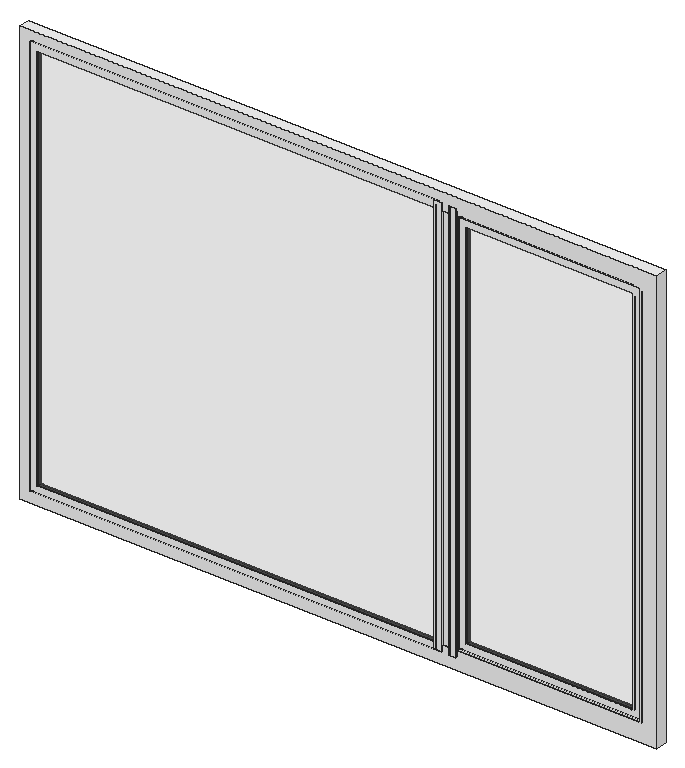
Revit family
Parameters (values of type "SH1812")
  Height = 1190 mm
  Head Height = 2125 mm
  Default Sill Height = Head Height - Height  # 935 mm
  Wall Closure = (empty or 0)
  Width = 1790 mm
Types (7, lengths in mm): name | Height | Default Sill Height | Width
  (no name) | 1190 | 935 | 1790
  SH1209 | 890 | 1235 | 1190
  SH1509 | 890 | 1235 | 1490
  SH1809 | 890 | 1235 | 1790
  SH1212 | 1190 | 935 | 1190
  SH1512 | 1190 | 935 | 1490
  SH1812 | 1190 | 935 | 1790
Reference planes
  plane 1 "Center (Front/Back)": y = 0
  plane 2 "Center (Left/Right)": x = 0
  plane 3 "Left": x = -895
  plane 4 "Right": x = 895
  plane 5 "Sill": z = 935
  plane 6 "Head": z = 2125
  plane 7 "Exterior": y = 100
  plane 8 "Interior": y = -100
  plane 9: y = -30.5
  plane 10: x = 300
  plane 11: z = 1530
Forms (mm)
  Sweep 1, solid, material "Default Frame"
    path origin (0, 100, 0) x (1, 0, 0) y (0, 0, 1)
      loop
        line (895, 2125) -> (-895, 2125) -> (-895, 935) -> (895, 935) -> (895, 2125)
    profile origin (0, 100, 2125) x (0, 0, -1) y (0, -1, 0)
      loop
        line (0, 115.25) -> (0, 84.75) -> (30.58, 84.75) -> (30.58, 87.464) -> (28.08, 86.021) -> (28.08, 113.85) -> (39.575, 113.85) -> (39.575, 111.85) -> (46.275, 111.85)
        arc (46.275, 111.85) -> (46.875, 111.25) -> (47.475, 111.85) r 0.6
        line (47.475, 111.85) -> (47.475, 115.25) -> (0, 115.25)
  Extrusion 2, solid, material "Glass"
    sketch origin (-45.36, -3.5, 26.772) x (1, 0, 0) y (0, 0, 1)
      loop
        line (328.76, 2065.028) -> (-816.4, 2065.028) -> (-816.4, 941.428) -> (328.76, 941.428) -> (328.76, 2065.028)
    from 0 to 3
  Sweep 3, solid, material "Default Frame"
    path origin (-95.36, -108, -50) x (1, 0, 0) y (0, 0, -1)
      loop
        line (407.36, -2170.4) -> (407.36, -989.6) -> (-795, -989.6) -> (-795, -2170.4) -> (407.36, -2170.4)
    profile origin (-289.18, -108, 2120.4) x (0, 0, 1) y (0, 1, 0)
      loop
        line (-25.08, 99.735) -> (-24.578, 94.997)
        arc (-24.578, 94.997) -> (-24.261, 94.736) -> (-23.98, 95.035) r 0.3
        line (-23.98, 95.035) -> (-23.98, 121.263) -> (-25.98, 120.536) -> (-25.98, 122.735) -> (-27.439, 122.735) -> (-40.407, 109.637) -> (-40.407, 108.637) -> (-28.6, 108.637) -> (-28.6, 109.637) -> (-25.08, 109.637) -> (-25.08, 99.735)
  Sweep 4, solid, material "Rubber seal"
    path origin (-95.36, -108, -50) x (1, 0, 0) y (0, 0, -1)
      loop
        line (407.36, -2170.4) -> (407.36, -989.6) -> (-795, -989.6) -> (-795, -2170.4) -> (407.36, -2170.4)
    profile origin (-289.18, -108, 2120.4) x (0, 0, 1) y (0, 1, 0)
      loop
        line (-41.398, 108.637) -> (-45.535, 104.5) -> (-35.029, 104.5) -> (-35.029, 108.637) -> (-41.398, 108.637)
      loop
        line (-45.535, 101.5) -> (-42.255, 96.75) -> (-35.029, 96.75) -> (-35.029, 101.5) -> (-45.535, 101.5)
  Sweep 5, solid, material "Default Frame"
    path origin (-2000, 100, 1819.513) x (0, 0, -1) y (1, 0, 0)
      loop
        line (853.933, 2325) -> (-274.907, 2325)
    profile origin (325, 100, 1530) x (-1, 0, 0) y (0, -1, 0)
      loop
        line (-5.9, 115.25) -> (-5.9, 111.85)
        arc (-5.9, 111.85) -> (-5.3, 111.25) -> (-4.7, 111.85) r 0.6
        line (-4.7, 111.85) -> (2, 111.85) -> (2, 113.85) -> (13.5, 113.85) -> (13.5, 86.026) -> (11, 87.47) -> (11, 84.75) -> (39, 84.75) -> (39, 87.47) -> (36.5, 86.026) -> (36.5, 113.85) -> (48, 113.85) -> (48, 111.85) -> (54.7, 111.85)
        arc (54.7, 111.85) -> (55.3, 111.25) -> (55.9, 111.85) r 0.6
        line (55.9, 111.85) -> (55.9, 115.25) -> (34.5, 115.25) -> (34.5, 111.07) -> (15.5, 111.07) -> (15.5, 115.25) -> (-5.9, 115.25)
  Extrusion 6, solid, material "Glass"
    sketch origin (0, 0.5, -49.472) x (-1, 0, 0) y (0, 0, -1)
      loop
        line (-339.22, -2118.592) -> (-339.22, -1040.312) -> (-839.12, -1040.312) -> (-839.12, -2118.592) -> (-339.22, -2118.592)
    from 0 to 3
  Sweep 7, solid, material "Default Frame"
    path origin (50, -100, -50) x (-1, 0, 0) y (0, 0, 1)
      loop
        line (-283.34, 2125) -> (-795, 2125) -> (-795, 1034.96) -> (-283.34, 1034.96) -> (-283.34, 2125)
    profile origin (589.17, -100, 2075) x (0, 0, -1) y (0, 1, 0)
      loop
        line (2.36, 95.735) -> (2.36, 105.637) -> (5.88, 105.637) -> (5.88, 104.637) -> (17.687, 104.637) -> (17.687, 105.637) -> (4.719, 118.735) -> (3.26, 118.735) -> (3.26, 116.536) -> (1.26, 117.263) -> (1.26, 91.035)
        arc (1.26, 91.035) -> (1.541, 90.736) -> (1.858, 90.997) r 0.3
        line (1.858, 90.997) -> (2.36, 95.735)
  Sweep 8, solid, material "Default Frame"
    path origin (65.29, -100, -65.29) x (-1, 0, 0) y (0, 0, 1)
      loop
        line (-252.8, 2155.58) -> (-795, 2155.58) -> (-795, 1035) -> (-252.8, 1035) -> (-252.8, 2155.58)
    profile origin (589.19, -100, 2090.29) x (0, 0, -1) y (0, 1, 0)
      loop
        line (4.865, 88.75) -> (35.445, 88.75) -> (35.445, 92.15)
        arc (35.445, 92.15) -> (34.845, 92.75) -> (34.245, 92.15) r 0.6
        line (34.245, 92.15) -> (27.545, 92.15) -> (27.545, 90.15) -> (16.05, 90.15) -> (16.05, 117.979) -> (18.55, 116.536) -> (18.55, 119.25) -> (-12.03, 119.25) -> (-12.03, 115.85)
        arc (-12.03, 115.85) -> (-11.43, 115.25) -> (-10.83, 115.85) r 0.6
        line (-10.83, 115.85) -> (-4.13, 115.85) -> (-4.13, 117.85) -> (7.37, 117.85) -> (7.37, 90.018) -> (4.865, 91.464) -> (4.865, 88.75)
  Sweep 9, solid, material "Rubber seal"
    path origin (50, -100, -50) x (-1, 0, 0) y (0, 0, 1)
      loop
        line (-283.34, 2125) -> (-795, 2125) -> (-795, 1034.96) -> (-283.34, 1034.96) -> (-283.34, 2125)
    profile origin (589.17, -100, 2075) x (0, 0, -1) y (0, 1, 0)
      loop
        line (18.698, 104.637) -> (12.329, 104.637) -> (12.329, 100.5) -> (22.835, 100.5) -> (18.698, 104.637)
      loop
        line (22.835, 97.5) -> (12.329, 97.5) -> (12.329, 92.75) -> (19.555, 92.75) -> (22.835, 97.5)
Lines and regions (mm)
  Opening 1
    outline origin (3500, -100, 0) x (1, 0, 0) y (0, 0, 1)
      loop
        line (-2605, 935) -> (-2605, 2125) -> (-4395, 2125) -> (-4395, 935) -> (-2605, 935)
  symbolic lines, style "Elevation Swing"
    curve 1: line (306.06, 38.5, 1530) -> (872.337, 38.5, 957.663)
    curve 2: line (306.06, 38.5, 1530) -> (872.337, 38.5, 2102.337)
Text (mm)
  text "EXTERIOR" at (-1963.203, 1332.353, 0), in view "Ref. Level"
  text "INTERIOR" at (-1981.466, -818.386, 0), in view "Ref. Level"
  text "Exterior" at (0, 923.751, 2943.296), in view "Right"
  text "Exterior" at (0, 1040.484, 2685.409), in view "Left"
Dimensions and locks
  equal spacing: plane 3 "Left", plane 2 "Center (Left/Right)", plane 4 "Right"
  "Width": plane 3 "Left" to plane 4 "Right"
  "Height": plane 5 "Sill" to plane 6 "Head"
  "Default Sill Height": plane 5 "Sill" to level
  locked: plane 7 "Exterior" to host wall at 0
  locked: plane 8 "Interior" to host wall
  locked: Sweep 3 sketch curve to Sweep 1 at 4.6
  locked: Sweep 1 to Sweep 3 sketch curve at 4.6
  locked: Sweep 5 to Sweep 3 sketch curve at 26
  locked: Sweep 4 sketch curve to Sweep 1 at 4.6
  locked: Sweep 1 to Sweep 4 sketch curve at 4.6
  Sweep 5 to Sweep 4 sketch curve = 26 mm
  locked: plane 10 to plane 4 "Right" at 595
  Sweep 8 sketch curve to Sweep 1 = 4.13 mm
  Sweep 8 sketch curve to Sweep 5 = 4.09 mm
  locked: plane 10 to Sweep 5 sketch curve at 25
  locked: Sweep 3 sketch curve to Sweep 1 at 4.64
  locked: Extrusion 2 to plane 10 at 16.6
  equal spacing: plane 5 "Sill", plane 11, plane 6 "Head"
  Sweep 7 sketch curve to Sweep 8 = 3.3 mm
  Sweep 9 sketch curve to Sweep 8 = 3.3 mm
  locked: Sweep 8 to Sweep 9 sketch curve at 3.3
  Sweep 8 to Sweep 7 sketch curve = 3.3 mm
  aligned and locked: plane 11 to curve 2
  aligned and locked: curve 2 to Sweep 8
  aligned and locked: Sweep 7 to Extrusion 6
Automatic sketch dimensions
  Opening 1 sketch curve to plane 3 "Left" = 0 mm
  Opening 1 sketch curve to plane 4 "Right" = 0 mm
  Opening 1 sketch curve to plane 5 "Sill" = 0 mm
  Opening 1 sketch curve to plane 6 "Head" = 0 mm
  Sweep 1 sketch curve to plane 3 "Left" = 0 mm
  Sweep 1 sketch curve to plane 4 "Right" = 0 mm
  Sweep 1 sketch curve to plane 5 "Sill" = 0 mm
  Sweep 1 sketch curve to plane 6 "Head" = 0 mm
  Sweep 1 sketch curve to profile plane = 0 mm
  Sweep 1 sketch curve to profile plane = 28.08 mm
  Sweep 1 sketch curve to Sweep 1 sketch curve = 2.5 mm
  Sweep 1 sketch curve to Sweep 1 sketch curve = 11.495 mm
  Sweep 1 sketch curve to Sweep 1 sketch curve = 6.7 mm
  Sweep 1 sketch curve to Sweep 1 sketch curve = 0.6 mm
  profile plane to Sweep 1 sketch curve = 84.75 mm
  Sweep 1 sketch curve to Sweep 1 sketch curve = 1.271 mm
  Sweep 1 sketch curve to Sweep 1 sketch curve = 2.714 mm
  Sweep 1 sketch curve to Sweep 1 sketch curve = 24.386 mm
  Sweep 1 sketch curve to Sweep 1 sketch curve = 2 mm
  Sweep 1 sketch curve to Sweep 1 sketch curve = 3.4 mm
  Extrusion 2 sketch curve to plane 3 "Left" = 33.24 mm
  Extrusion 2 sketch curve to plane 2 "Center (Left/Right)" = 283.4 mm
  Extrusion 2 sketch curve to plane 5 "Sill" = 33.2 mm
  plane 6 "Head" to Extrusion 2 sketch curve = 33.2 mm
  Sweep 4 sketch curve to plane 3 "Left" = 4.64 mm
  plane 6 "Head" to Sweep 5 sketch curve = 30.58 mm
  Sweep 5 sketch curve to plane 5 "Sill" = 30.58 mm
  profile plane to Sweep 5 sketch curve = 5.9 mm
  Sweep 5 sketch curve to Sweep 5 sketch curve = 0.6 mm  (x2)
  Sweep 5 sketch curve to profile plane = 2 mm
  Sweep 5 sketch curve to profile plane = 11 mm
  Sweep 5 sketch curve to Sweep 5 sketch curve = 2 mm  (x3)
  Sweep 5 sketch curve to Sweep 5 sketch curve = 19 mm
  Sweep 5 sketch curve to Sweep 5 sketch curve = 2.5 mm  (x2)
  Sweep 5 sketch curve to Sweep 5 sketch curve = 6.7 mm
  profile plane to Sweep 5 sketch curve = 84.75 mm
  Sweep 5 sketch curve to Sweep 5 sketch curve = 1.276 mm  (x2)
  Sweep 5 sketch curve to Sweep 5 sketch curve = 2.72 mm  (x2)
  Sweep 5 sketch curve to Sweep 5 sketch curve = 0.78 mm  (x2)
  Sweep 5 sketch curve to Sweep 5 sketch curve = 3.4 mm  (x2)
  plane 4 "Right" to Extrusion 6 sketch curve = 55.88 mm
  Extrusion 6 sketch curve to plane 2 "Center (Left/Right)" = 339.22 mm
  plane 6 "Head" to Extrusion 6 sketch curve = 55.88 mm
  Extrusion 6 sketch curve to plane 5 "Sill" = 55.84 mm
  plane 4 "Right" to Sweep 7 sketch curve = 50 mm
  plane 6 "Head" to Sweep 7 sketch curve = 50 mm
  Sweep 7 sketch curve to profile plane = 1.26 mm
  Sweep 7 sketch curve to Sweep 7 sketch curve = 0.3 mm
  Sweep 7 sketch curve to Sweep 7 sketch curve = 0.298 mm
  Sweep 7 sketch curve to profile plane = 2.36 mm
  Sweep 7 sketch curve to Sweep 7 sketch curve = 2 mm
  Sweep 7 sketch curve to Sweep 7 sketch curve = 1.459 mm
  Sweep 7 sketch curve to Sweep 7 sketch curve = 3.52 mm
  Sweep 7 sketch curve to Sweep 7 sketch curve = 11.806 mm
  profile plane to Sweep 7 sketch curve = 90.997 mm
  Sweep 7 sketch curve to Sweep 7 sketch curve = 4.738 mm
  Sweep 7 sketch curve to Sweep 7 sketch curve = 8.902 mm
  Sweep 7 sketch curve to Sweep 7 sketch curve = 1 mm  (x2)
  Sweep 7 sketch curve to Sweep 7 sketch curve = 10.899 mm
  Sweep 7 sketch curve to Sweep 7 sketch curve = 0.728 mm
  Sweep 7 sketch curve to Sweep 7 sketch curve = 2.2 mm
  plane 4 "Right" to Sweep 8 sketch curve = 34.71 mm
  Sweep 8 sketch curve to plane 5 "Sill" = 34.71 mm
  profile plane to Sweep 8 sketch curve = 12.03 mm
  Sweep 8 sketch curve to Sweep 8 sketch curve = 0.6 mm  (x2)
  profile plane to Sweep 8 sketch curve = 4.13 mm
  Sweep 8 sketch curve to profile plane = 4.865 mm
  Sweep 8 sketch curve to Sweep 8 sketch curve = 2.505 mm
  Sweep 8 sketch curve to Sweep 8 sketch curve = 8.68 mm
  Sweep 8 sketch curve to Sweep 8 sketch curve = 2.5 mm
  Sweep 8 sketch curve to Sweep 8 sketch curve = 11.495 mm
  Sweep 8 sketch curve to Sweep 8 sketch curve = 6.7 mm
  profile plane to Sweep 8 sketch curve = 88.75 mm
  Sweep 8 sketch curve to Sweep 8 sketch curve = 1.268 mm
  Sweep 8 sketch curve to Sweep 8 sketch curve = 1.4 mm
  Sweep 8 sketch curve to Sweep 8 sketch curve = 2.714 mm  (x2)
  Sweep 8 sketch curve to Sweep 8 sketch curve = 3.4 mm
  Sweep 8 sketch curve to Sweep 8 sketch curve = 24.386 mm
  Sweep 8 sketch curve to Sweep 8 sketch curve = 0.686 mm
  Sweep 8 sketch curve to Sweep 8 sketch curve = 2 mm
  Sweep 8 sketch curve to Sweep 8 sketch curve = 1.443 mm
  plane 4 "Right" to Sweep 9 sketch curve = 50 mm
  plane 6 "Head" to Sweep 9 sketch curve = 50 mm
  Sweep 9 sketch curve to profile plane = 12.329 mm
  Sweep 9 sketch curve to Sweep 9 sketch curve = 0 mm  (x2)
  Sweep 9 sketch curve to Sweep 9 sketch curve = 6.37 mm
  Sweep 9 sketch curve to Sweep 9 sketch curve = 7.226 mm
  Sweep 9 sketch curve to Sweep 9 sketch curve = 4.137 mm  (x2)
  profile plane to Sweep 9 sketch curve = 92.75 mm
  Sweep 9 sketch curve to Sweep 9 sketch curve = 4.75 mm
  Sweep 9 sketch curve to Sweep 9 sketch curve = 3 mm
  Sweep 5 sketch curve to Sweep 5 sketch curve = 26.38 mm
  Sweep 5 sketch curve to Sweep 5 sketch curve = 11.5 mm
  Sweep 5 sketch curve to Sweep 5 sketch curve = 1.4 mm
  profile plane to Sweep 3 sketch curve = 40.407 mm
  Sweep 3 sketch curve to Sweep 3 sketch curve = 1.161 mm
  Sweep 3 sketch curve to Sweep 3 sketch curve = 1.459 mm
  Sweep 3 sketch curve to Sweep 3 sketch curve = 3.52 mm
  Sweep 3 sketch curve to Sweep 3 sketch curve = 0.502 mm
  Sweep 3 sketch curve to Sweep 3 sketch curve = 0.298 mm
  Sweep 3 sketch curve to Sweep 3 sketch curve = 0.3 mm
  profile plane to Sweep 3 sketch curve = 94.997 mm
  Sweep 3 sketch curve to Sweep 3 sketch curve = 4.738 mm
  Sweep 3 sketch curve to Sweep 3 sketch curve = 8.902 mm
  Sweep 3 sketch curve to Sweep 3 sketch curve = 1 mm  (x2)
  Sweep 3 sketch curve to Sweep 3 sketch curve = 10.899 mm
  Sweep 3 sketch curve to Sweep 3 sketch curve = 0.728 mm
  Sweep 3 sketch curve to Sweep 3 sketch curve = 2.2 mm
  Sweep 3 sketch curve to Sweep 3 sketch curve = 11.806 mm
  profile plane to Sweep 4 sketch curve = 45.535 mm
  Sweep 4 sketch curve to Sweep 4 sketch curve = 0 mm
  Sweep 4 sketch curve to Sweep 4 sketch curve = 3.28 mm
  Sweep 4 sketch curve to Sweep 4 sketch curve = 4.137 mm  (x2)
  Sweep 4 sketch curve to Sweep 4 sketch curve = 6.37 mm
  Sweep 4 sketch curve to Sweep 4 sketch curve = 7.226 mm
  profile plane to Sweep 4 sketch curve = 96.75 mm
  Sweep 4 sketch curve to Sweep 4 sketch curve = 4.75 mm
  Sweep 4 sketch curve to Sweep 4 sketch curve = 3 mm
  Sweep 7 sketch curve to plane 5 "Sill" = 49.96 mm
  Sweep 9 sketch curve to plane 5 "Sill" = 49.96 mm
  plane 4 "Right" to curve 1 = 22.663 mm
  plane 4 "Right" to curve 2 = 22.663 mm
  curve 1 to plane 5 "Sill" = 22.663 mm
  plane 6 "Head" to curve 2 = 22.663 mm
